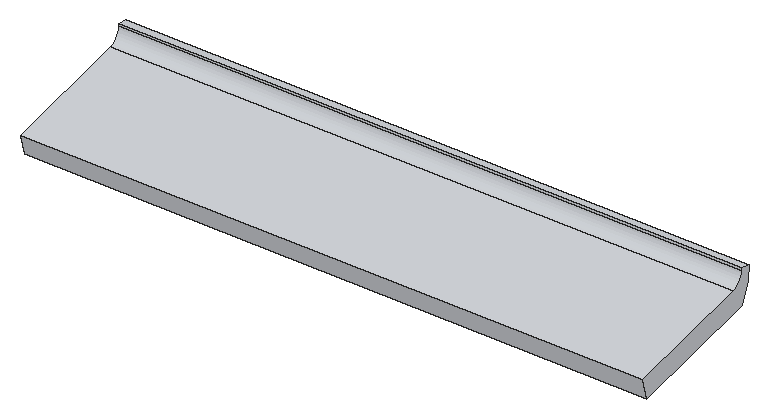
Revit family
Parameters
  materiaal raamdorpel = none
  lengte [instance] = 800 mm
  diepte [instance] = 150 mm
  Width = 920 mm
  Rough Height = 920 mm
  Raamdorpelhoek [instance] = 15.00°
  Height = 920 mm
Reference planes
  plane 1 "Center (Front/Back)": y = 0
  plane 2: z = 0
  plane 3 "Center (Left/Right)": x = 50
  plane 4: x = -350
  plane 5: x = 450
Forms (mm)
  Extrusion 1, solid, material <- "materiaal raamdorpel"
    sketch origin (50, 0, 0) x (0, 0.965926, 0.258819) y (0, -0.258819, 0.965926)
      loop
        line (-150, -25) -> (6.506, -25) -> (23.501, -4.747) -> (28.29, 13.125) -> (18.63, 15.714) -> (17.955, 13.193)
        arc (17.955, 13.193) -> (11.14, 3.653) -> (0, 0) r 18.814
        line (0, 0) -> (-150, 0) -> (-150, -25)
    from -400 to 400
Lines and regions (mm)
  reference lines
    curve 1: line (50, 0, 0) -> (50, 656.83, 175.997)
    curve 2: line (50, 0, 0) -> (50, -138.468, 516.77)
    curve 3: line (50, -138.418, -62.971) -> (50, -283.357, 477.947)
Dimensions and locks
  equal spacing: plane 4, plane 3 "Center (Left/Right)", plane 5
  "lengte": plane 4 to plane 5
  "diepte": curve 2 to curve 3
  "Raamdorpelhoek": angle plane 2 to curve 1
  locked: curve 1 to curve 2 (angle 90.00°)
  locked: curve 1 to curve 3 (angle 90.00°)
  aligned and locked: Extrusion 1 to curve 3
  aligned and locked: plane 4 to Extrusion 1
  aligned and locked: Extrusion 1 to plane 5
Automatic sketch dimensions
  Extrusion 1 sketch curve to curve 1 = 0 mm  (x2)
  curve 1 to Extrusion 1 sketch curve = 18.814 mm
  curve 1 to Extrusion 1 sketch curve = 25 mm
  Extrusion 1 sketch curve to curve 1 = 150 mm
  curve 1 to Extrusion 1 sketch curve = 6.506 mm
  Extrusion 1 sketch curve to curve 1 = 13.193 mm
  Extrusion 1 sketch curve to Extrusion 1 sketch curve = 0.676 mm
  curve 1 to Extrusion 1 sketch curve = 4.747 mm
  Extrusion 1 sketch curve to Extrusion 1 sketch curve = 5.546 mm
  Extrusion 1 sketch curve to curve 1 = 13.125 mm
  curve 1 to level = 0 mm
  curve 1 to plane 1 "Center (Front/Back)" = 0 mm
  curve 2 to curve 1 = 0 mm  (x2)
  curve 1 to curve 3 = 25 mm
